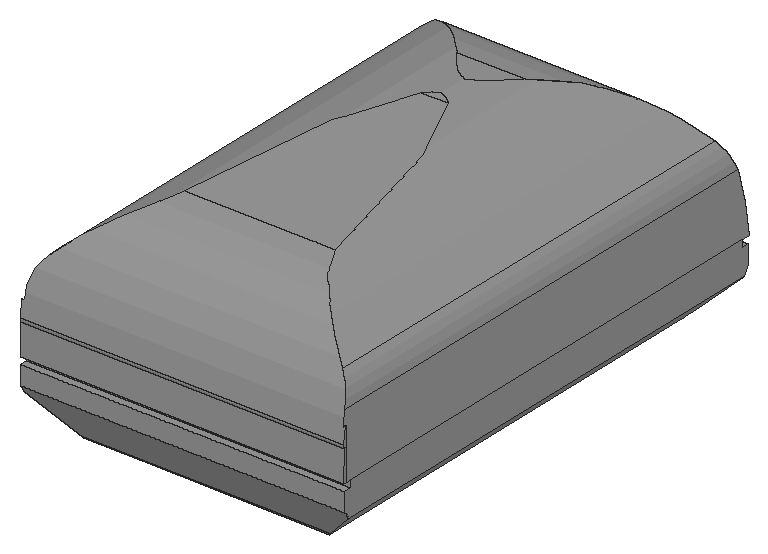
Revit family "AlarmsWiredMotionSensor", category Security Devices, host Face, Revit 2019
Family settings
  Host = Face
  Maintain Annotation Orientation = Yes
  Round Connector Dimension = Use Diameter
  Part Type = Normal
  Cut with Voids When Loaded = No
  Shared = No
  Room Calculation Point = Yes
Parameters (values of type "BR11")
  URL = "https://docs.verkada.com/docs/intrusion-sensors-overview.pdf#page=10"
  Type Image = BR11.png
  Model = "BR11"
  Manufacturer = "VERKADA"  # constant formula
  Description = "WIRED MOTION SENSOR"
  Default Elevation = 96.0"
Reference planes (in)
  plane 1 "Center (Front/Back)": y = 0
  plane 2: z = 0
  plane 3 "Center (Left/Right)": x = 0
  plane 4: y = 1.84961
  plane 5: y = -1.84961
Forms (in)
  Extrusion 1, solid
    sketch origin (0, 0, 0) x (0, 1, 0) y (0, 0, 1)
      loop
        line (1.83323, 0.48819) -> (1.78072, 0.48819) -> (1.77983, 0.53937) -> (1.83584, 0.53937)
        spline (1.83584, 0.53937) -> (1.82761, 0.64268) -> (1.81662, 0.74426) -> (1.80175, 0.84234) -> (1.78184, 0.93511) -> (1.75591, 1.02092) -> (1.7243, 1.09927) -> (1.68798, 1.17023) -> (1.64795, 1.23386) -> (1.60509, 1.29034) -> (1.55679, 1.34279) -> (1.49622, 1.3979) -> (1.41634, 1.4626)
        arc (1.41634, 1.4626) -> (1.19869, 1.57209) -> (0.96066, 1.62405) r 0.97264
        arc (0.96066, 1.62405) -> (0.70382, 1.64483) -> (0.44618, 1.64092) r 2.68707
        line (0.44618, 1.64092) -> (-1.14814, 1.54011)
        arc (-1.14814, 1.54011) -> (-1.64715, 1.30298) -> (-1.86431, 0.79496) r 0.78083
        arc (-1.86431, 0.79496) -> (-1.86424, 0.77946) -> (-1.86036, 0.76445) r 0.06277
        arc (-1.86036, 0.76445) -> (-1.86395, 0.65194) -> (-1.86509, 0.53937) r 5.17796
        line (-1.86509, 0.53937) -> (-1.80675, 0.53937) -> (-1.80764, 0.48819) -> (-1.86283, 0.48819) -> (-1.86047, 0.34979) -> (-1.64246, 0.01409)
        arc (-1.64246, 0.01409) -> (-1.63128, 0.00375) -> (-1.61651, 0) r 0.03094
        line (-1.61651, 0) -> (1.57932, 0)
        arc (1.57932, 0) -> (1.6187, 0.01055) -> (1.64752, 0.03938) r 0.07875
        line (1.64752, 0.03938) -> (1.83094, 0.35707) -> (1.83323, 0.48819)
    from -1.18612 to 1.18657
  Extrusion 2, void
    sketch origin (0, 0, 0) x (1, 0, 0) y (0, 0, 1)
      loop
        line (1.18657, 0.29342) -> (0.89316, 0) -> (1.25846, 0) -> (1.25846, 1.71436) -> (-1.25846, 1.71436) -> (-1.25846, 0) -> (-0.89316, 0) -> (-1.18612, 0.29297) -> (-1.18612, 0.53937) -> (-1.16486, 0.99913)
        arc (-1.16486, 0.99913) -> (-1.1358, 1.107) -> (-1.07184, 1.1986) r 0.32404
        arc (-1.07184, 1.1986) -> (-0.00038, 1.64434) -> (1.07184, 1.1986) r 1.51246
        arc (1.07184, 1.1986) -> (1.1358, 1.107) -> (1.16486, 0.99913) r 0.32404
        line (1.16486, 0.99913) -> (1.18657, 0.53937) -> (1.18657, 0.29342)
    from -1.84961 to 1.84961
Cuts and joins
  Extrusion 2 cuts Extrusion 1
Dimensions and locks (in)
  equal spacing: plane 5, plane 1 "Center (Front/Back)", plane 4
  plane 5 to plane 4 = 3.69922"
  aligned and locked: plane 2 to host face
  aligned and locked: level to host face
Automatic sketch dimensions
  host sketch curve to host sketch curve = 96.0"  (x2)
  Extrusion 1 sketch curve to level = 0.0"
  plane 5 to Extrusion 1 sketch curve = 0.01548"
  plane 5 to Extrusion 1 sketch curve = 0.01322"
  plane 5 to Extrusion 1 sketch curve = 0.01086"
  Extrusion 1 sketch curve to plane 5 = 0.04197"
  Extrusion 1 sketch curve to plane 5 = 0.04286"
  Extrusion 1 sketch curve to plane 5 = 0.04762"
  level to Extrusion 1 sketch curve = 0.01409"
  Extrusion 1 sketch curve to plane 5 = 0.20715"
  Extrusion 1 sketch curve to Extrusion 1 sketch curve = 0.02595"
  Extrusion 1 sketch curve to plane 5 = 0.70147"
  Extrusion 1 sketch curve to Extrusion 1 sketch curve = 0.71781"
  Extrusion 1 sketch curve to plane 1 "Center (Front/Back)" = 0.44618"
  Extrusion 1 sketch curve to plane 1 "Center (Front/Back)" = 0.61575"
  Extrusion 1 sketch curve to plane 1 "Center (Front/Back)" = 0.87387"
  plane 4 to Extrusion 1 sketch curve = 0.43327"
  level to Extrusion 1 sketch curve = 0.07875"
  plane 4 to Extrusion 1 sketch curve = 0.27029"
  level to Extrusion 1 sketch curve = 0.03938"
  plane 4 to Extrusion 1 sketch curve = 0.06978"
  Extrusion 1 sketch curve to Extrusion 1 sketch curve = 0.00089"
  plane 4 to Extrusion 1 sketch curve = 0.01867"
  plane 4 to Extrusion 1 sketch curve = 0.01638"
  plane 4 to Extrusion 1 sketch curve = 0.01377"
  level to Extrusion 1 sketch curve = 0.54325"
  Extrusion 1 sketch curve to plane 4 = 1.46327"
  Extrusion 1 sketch curve to level = 1.04079"
  level to Extrusion 1 sketch curve = 0.34979"
  level to Extrusion 1 sketch curve = 0.35707"
  Extrusion 1 sketch curve to Extrusion 1 sketch curve = 0.13112"
  Extrusion 1 sketch curve to Extrusion 1 sketch curve = 0.1384"
  Extrusion 1 sketch curve to Extrusion 1 sketch curve = 0.05118"  (x2)
  level to Extrusion 1 sketch curve = 0.65529"
  Extrusion 1 sketch curve to Extrusion 1 sketch curve = 0.22253"
  Extrusion 1 sketch curve to Extrusion 1 sketch curve = 0.24815"
  Extrusion 1 sketch curve to Extrusion 1 sketch curve = 0.80731"
  Extrusion 1 sketch curve to Extrusion 1 sketch curve = 0.77821"
  Extrusion 1 sketch curve to Extrusion 1 sketch curve = 0.17832"
  plane 5 to Extrusion 1 sketch curve = 0.0147"
  Extrusion 2 sketch curve to level = 0.0"  (x2)
  Extrusion 2 sketch curve to plane 3 "Center (Left/Right)" = 1.25846"
  Extrusion 2 sketch curve to Extrusion 2 sketch curve = 0.09361"
  Extrusion 2 sketch curve to Extrusion 2 sketch curve = 0.32273"  (x2)
  Extrusion 2 sketch curve to plane 3 "Center (Left/Right)" = 0.00038"
  plane 3 "Center (Left/Right)" to Extrusion 2 sketch curve = 0.84213"
  plane 3 "Center (Left/Right)" to Extrusion 2 sketch curve = 0.89316"
  Extrusion 2 sketch curve to Extrusion 2 sketch curve = 0.29342"
  Extrusion 2 sketch curve to Extrusion 2 sketch curve = 0.07189"
  level to Extrusion 2 sketch curve = 0.13188"
  level to Extrusion 2 sketch curve = 0.29342"
  Extrusion 2 sketch curve to Extrusion 2 sketch curve = 0.24595"
  Extrusion 2 sketch curve to Extrusion 2 sketch curve = 0.43069"
  level to Extrusion 2 sketch curve = 0.97006"
  Extrusion 2 sketch curve to Extrusion 2 sketch curve = 0.02907"  (x2)
  Extrusion 2 sketch curve to Extrusion 2 sketch curve = 0.51576"
  level to Extrusion 2 sketch curve = 0.29297"
  Extrusion 2 sketch curve to Extrusion 2 sketch curve = 0.07234"
  level to Extrusion 2 sketch curve = 0.53937"
  Extrusion 2 sketch curve to Extrusion 2 sketch curve = 0.09226"
  Extrusion 2 sketch curve to Extrusion 2 sketch curve = 0.00075"
  Extrusion 2 sketch curve to Extrusion 2 sketch curve = 0.0"
  Extrusion 2 sketch curve to Extrusion 2 sketch curve = 0.3653"
Nested families (in)
  nested 1: "PlanSymbol_MotionSensor" at (0, 0, 0), type "Standard"
Connectors (in)
  electrical at (0, 0, 0)
    settings: index 2, voltage 0 V, apparent load 0 VA, apparent load phase1 0 VA, apparent load phase2 0 VA, apparent load phase3 0 VA, power factor 1, load classification "Other", number of poles 1, system type 10, power factor state 1, is connector primary yes, connector utility no, sub classification motor no, connector description ""
Definition of nested family "PlanSymbol_MotionSensor"
  Reference planes (in)
    plane 1: y = 0
    plane 2: x = 0
  Lines and regions (in)
    Masking region 1
      outline origin (0, 0, 0) x (1, 0, 0) y (0, 1, 0)
        loop
          line (-0.11811, 0.11811) -> (-0.11811, 0) -> (0, 0) -> (-0.11811, 0.11811)
    Masking region 2
      outline origin (0, 0, 0) x (0, 1, 0) y (-1, 0, 0)
        loop
          line (0.11811, -0.11811) -> (0, 0) -> (0, -0.11811) -> (0.11811, -0.11811)
    Masking region 3
      outline origin (0, 0, 0) x (1, 0, 0) y (0, 1, 0)
        loop
          line (-0.11811, 0.23622) -> (-0.11811, 0.11811) -> (0, 0) -> (-0.11811, 0.23622)
    Masking region 4
      outline origin (0, 0, 0) x (0, 1, 0) y (-1, 0, 0)
        loop
          line (0.23622, -0.11811) -> (0, 0) -> (0.11811, -0.11811) -> (0.23622, -0.11811)
    Masking region 5
      outline origin (0, 0, 0) x (1, 0, 0) y (0, 1, 0)
        loop
          line (0, 0) -> (0, 0.23622) -> (-0.11811, 0.23622) -> (0, 0)
    Masking region 6
      outline origin (0, 0, 0) x (0, 1, 0) y (-1, 0, 0)
        loop
          line (0, 0) -> (0.23622, -0.11811) -> (0.23622, 0) -> (0, 0)
